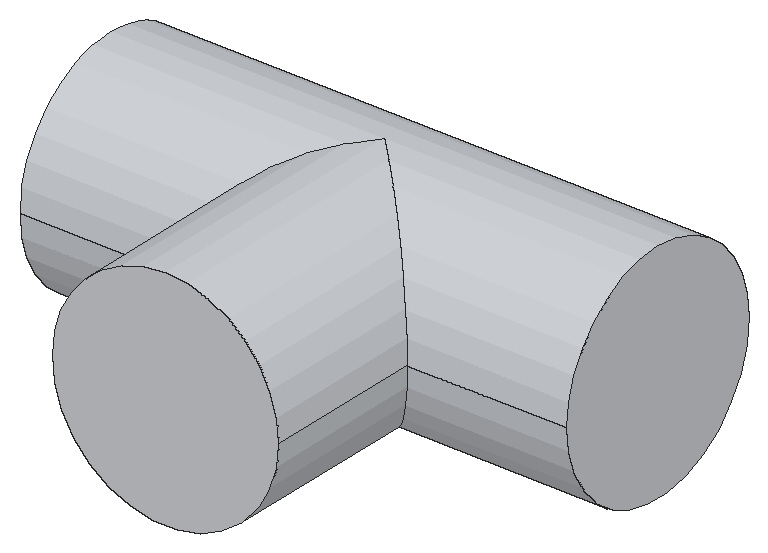
Revit family "e644e03864b94403bb126b8c3a73c8b9", category Pipe Fittings, Revit 2021
Family settings
  Round Connector Dimension = Use Radius
  Part Type = Tee
  OmniClass Number = 23.60.30.11.14
  OmniClass Title = Pipework Fittings
  Work Plane-Based = No
  Always vertical = Yes
  Cut with Voids When Loaded = No
  Shared = No
Parameters (values of type "Standard")
  Tick Size [instance] = Fitting Outside Diameter * 0.4  # 2.6500"
  Nominal Radius [instance] = 3.0000"
  Nominal Diameter [instance] = Nominal Radius * 2  # 6.0000"
  Loss Method = K Coefficient from Table
  Lookup Table Name = "Tee - PE - Steel - Fabricated"
  K Coefficient Table = "Tee"
  Fitting Outside Radius [instance] = Fitting Outside Diameter / 2  # 3.3125"
  Fitting Outside Diameter [instance] = size_lookup(Lookup Table Name, "FOD", Nominal Diameter, Nominal Diameter)  # 6.6250"
  Default Elevation = 0.0000"
  Center to End Label [instance] = if(Center to End * tan(Angle 1 / 2) > Fitting Outside Radius, Center to End, Fitting Outside Radius / tan(Angle 1 / 2))  # 8.0000"
  Center to End [instance] = size_lookup(Lookup Table Name, "CtE", 0.64 * Nominal Diameter + 5.0900", Nominal Diameter)  # 8.0000"
  Angle 1 [instance] = if(Angle > 90.00°, 180.00° - Angle, Angle)  # 90.00°
  Angle [instance] = 90.00°
Reference planes (in)
  plane 1 "Center (Front/Back)": y = 0
  plane 2: z = 0
  plane 3 "Center (Left/Right)": x = 0
  plane 4: x = -8
  plane 5: x = 8
  plane 6: y = 2.65
  plane 7: y = -2.65
Forms (in)
  Extrusion 1, solid, detail levels fine
    sketch origin (0, 0, 0) x (0, 1, 0) y (0, 0, 1)
      loop
        circle (0, 0) r 3.3125
    from -8 to 8
  Sweep 2, solid, detail levels fine
    path origin (0, 0, 0) x (0, -1, 0) y (1, 0, 0)
      loop
        line (0, 0) -> (8, 0)
    profile origin (0, -4, 0) x (1, 0, 0) y (0, 0, 1)
      loop
        circle (0, 0) r 3.3125
Cuts and joins
  joined: Extrusion 1, Sweep 2
Lines and regions (in)
  model lines, detail levels coarse+medium
    curve 1: line (-8, 2.65, 0) -> (-8, -2.65, 0)
    curve 2: line (8, 2.65, 0) -> (8, -2.65, 0)
    curve 6: line (-2.65, -8, 0) -> (2.65, -8, 0)
  model lines, style "PipeFitting", detail levels coarse+medium
    curve 3: line (-8, 0, 0) -> (8, 0, 0)
    curve 5: line (0, 0, 0) -> (0, -8, 0)
  reference lines, not visible
    curve 4: line (0, 0, 0) -> (0, -8, 0)
Dimensions and locks (in)
  "Center to End Label": plane 4 to plane 3 "Center (Left/Right)"
  "Center to End Label": plane 3 "Center (Left/Right)" to plane 5
  "Tick Size": plane 6 to plane 1 "Center (Front/Back)"
  "Tick Size": plane 7 to plane 1 "Center (Front/Back)"
  "Center to End Label": curve 4 to curve 4
  "Center to End Label": curve 5 to curve 5
  "Tick Size": curve 6 to curve 4
  "Tick Size": curve 4 to curve 6
  "Center to End Label": Sweep 2 sketch curve to Sweep 2 sketch curve
  "Fitting Outside Radius": radius of Extrusion 1 sketch curve
  "Fitting Outside Radius": radius of Sweep 2 sketch curve
  "Angle": angle curve 4 to plane 1 "Center (Front/Back)"
  "Angle": angle curve 5 to plane 1 "Center (Front/Back)"
  locked: curve 4 to curve 6 (angle 90.00°)
  "Angle": angle Sweep 2 sketch curve to plane 1 "Center (Front/Back)"
  aligned and locked: plane 2 to level
  aligned and locked: plane 4 to curve 3
  aligned and locked: plane 5 to curve 3
  aligned and locked: plane 1 "Center (Front/Back)" to curve 3
  aligned and locked: plane 6 to curve 2
  aligned and locked: plane 6 to curve 1
  aligned and locked: plane 7 to curve 1
  aligned and locked: plane 7 to curve 2
  aligned and locked: curve 2 to plane 5
  aligned and locked: curve 1 to plane 4
  aligned and locked: plane 1 "Center (Front/Back)" to Extrusion 1 sketch curve
  aligned and locked: plane 2 to Extrusion 1 sketch curve
  aligned and locked: Extrusion 1 to plane 4
  aligned and locked: plane 5 to Extrusion 1
  aligned and locked: plane 3 "Center (Left/Right)" to curve 4
  aligned and locked: plane 1 "Center (Front/Back)" to curve 4
  aligned and locked: plane 3 "Center (Left/Right)" to curve 5
  aligned and locked: plane 1 "Center (Front/Back)" to curve 5
  aligned and locked: curve 6 to curve 4
  aligned and locked: plane 3 "Center (Left/Right)" to Sweep 2 sketch curve
  aligned and locked: plane 1 "Center (Front/Back)" to Sweep 2 sketch curve
Automatic sketch dimensions
  Sweep 2 sketch curve to profile plane = 0.0000"  (x2)
Connectors (in)
  piping at (-8, 0, 0), diameter 6, driven by "Nominal Radius"
    settings: on Extrusion 1, index 1, connector inside diameter 6.0000", connector length 0.0000", flow factor 0, pipe flow 0 GPM, pressure drop 0.00 psi, fitting loss kfactor 0, connector angle 0.00°, fixture units 0, engagement length 0.0000", angle of deflection 0.00°, flow configuration 0, flow direction 0, fitting loss method 0, system type 28, joint type 0, gender type 0, connector reference index 2, connector utility 0, adjustable connector no, is connector primary yes, connector description ""
  piping at (8, 0, 0), diameter 6, driven by "Nominal Radius"
    settings: on Extrusion 1, index 2, connector inside diameter 6.0000", connector length 0.0000", flow factor 0, pipe flow 0 GPM, pressure drop 0.00 psi, fitting loss kfactor 0, connector angle 0.00°, fixture units 0, engagement length 0.0000", angle of deflection 0.00°, flow configuration 0, flow direction 0, fitting loss method 0, system type 28, joint type 0, gender type 0, connector reference index 1, connector utility 0, adjustable connector no, is connector primary no, connector description ""
  piping at (0, -8, 0), diameter 6, driven by "Nominal Radius", driven by "Angle"
    settings: on Sweep 2, index 3, connector inside diameter 6.0000", connector length 0.0000", flow factor 0, pipe flow 0 GPM, pressure drop 0.00 psi, fitting loss kfactor 0, connector angle 90.00°, fixture units 0, engagement length 0.0000", angle of deflection 0.00°, flow configuration 0, flow direction 0, fitting loss method 0, system type 28, joint type 0, gender type 0, connector reference index -1, connector utility 0, adjustable connector no, is connector primary no, connector description ""
